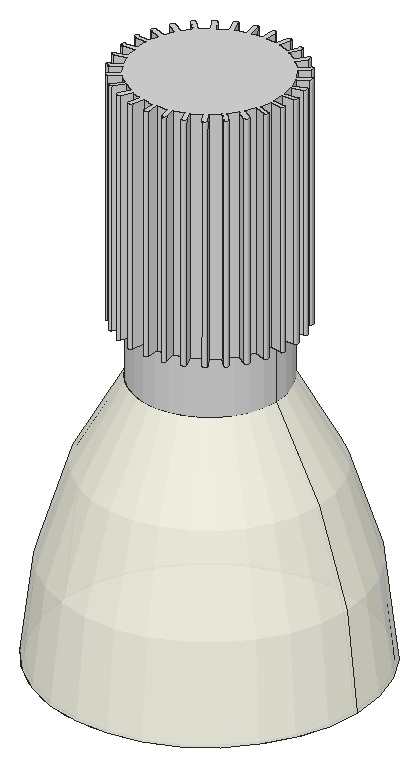
Revit family "TR.FR", category Lighting Fixtures, Revit 2024
Family settings
  Round Connector Dimension = Use Diameter
  Part Type = Normal
  OmniClass Number = 23.80.70.00
  OmniClass Title = Lighting
  Work Plane-Based = No
  Always vertical = Yes
  Cut with Voids When Loaded = No
  Light Source = No
  Maintain Annotation Orientation = No
  Shared = No
  Room Calculation Point = No
Parameters
  Default Elevation = 0' - 0"
Reference planes (in)
  plane 1 "Light Source Axis (F/B)": y = 0
  plane 2: z = 0
  plane 3 "Light Source Axis (L/R)": x = 0
  plane 4 "Light Source Elevation": z = 54
Forms (in)
  Sweep 1, solid, material "FR", not visible
    path origin (75.968, 0, 0.00093) x (1, 0, 0) y (0, 0, 1)
      loop
        arc (-4.5864, 68.3252) -> (-8.91952, 61.72019) -> (-10.59309, 54) r 21.63816
    profile origin (67.04848, 0, 61.72112) x (0.922209, 0, -0.386691) y (0, -1, 0)
      loop
        circle (0, 0) r 0.03125
  Extrusion 2, solid, material "61", not visible
    sketch origin (21.22004, 0.07031, 3.70715) x (1, 0, 0) y (0, 1, 0)
      loop
        arc (0.70087, 4.42509) -> (0.0002, 4.48026) -> (-0.70003, 4.41981) r 4.27232
        line (-0.70003, 4.41981) -> (-0.65367, 4.12712)
        arc (-0.65367, 4.12712) -> (0, 4.17857) -> (0.65367, 4.12712) r 4.17857
        line (0.65367, 4.12712) -> (0.70087, 4.42509)
    from 66 to 73.80732
  Revolve 3, solid, material "48"
    sketch origin (0, 0, -0.05835) x (1, 0, 0) y (0, 0, 1)
      loop
        line (1.92142, 61.25039) -> (1.92142, 62.78223) -> (1.82767, 62.78223) -> (1.82767, 61.25039) -> (1.92142, 61.25039)
      axis (0, 62.78223) -> (0, 61.25039)
    angle from 0 to 360
  Extrusion 4, solid, material "48"
    sketch origin (-34.99223, -16.30645, 63.07965) x (1, 0, 0) y (0, 1, 0)
      loop
        arc (34.92973, 18.27443) -> (34.78642, 18.26463) -> (34.6442, 18.24441) r 1.96897
        line (34.6442, 18.24441) -> (34.57902, 18.55106)
        arc (34.57902, 18.55106) -> (34.50489, 18.5992) -> (34.45675, 18.52507) r 0.0625
        line (34.45675, 18.52507) -> (34.52193, 18.21843)
        arc (34.52193, 18.21843) -> (34.38378, 18.17905) -> (34.24888, 18.12971) r 1.96897
        line (34.24888, 18.12971) -> (34.12137, 18.4161)
        arc (34.12137, 18.4161) -> (34.03885, 18.44777) -> (34.00718, 18.36525) r 0.0625
        line (34.00718, 18.36525) -> (34.13468, 18.07886)
        arc (34.13468, 18.07886) -> (34.00775, 18.01163) -> (33.88605, 17.93531) r 1.96897
        line (33.88605, 17.93531) -> (33.70178, 18.18893)
        arc (33.70178, 18.18893) -> (33.61448, 18.20276) -> (33.60065, 18.11546) r 0.0625
        line (33.60065, 18.11546) -> (33.78492, 17.86184)
        arc (33.78492, 17.86184) -> (33.67473, 17.76968) -> (33.57156, 17.66973) r 1.96897
        line (33.57156, 17.66973) -> (33.33859, 17.8795)
        arc (33.33859, 17.8795) -> (33.25032, 17.87487) -> (33.25495, 17.7866) r 0.0625
        line (33.25495, 17.7866) -> (33.48792, 17.57684)
        arc (33.48792, 17.57684) -> (33.3993, 17.46378) -> (33.31916, 17.34457) r 1.96897
        line (33.31916, 17.34457) -> (33.04767, 17.50131)
        arc (33.04767, 17.50131) -> (32.96229, 17.47843) -> (32.98517, 17.39306) r 0.0625
        line (32.98517, 17.39306) -> (33.25666, 17.23631)
        arc (33.25666, 17.23631) -> (33.19349, 17.1073) -> (33.13989, 16.97403) r 1.96897
        line (33.13989, 16.97403) -> (32.84174, 17.0709)
        arc (32.84174, 17.0709) -> (32.76298, 17.03078) -> (32.80311, 16.95202) r 0.0625
        line (32.80311, 16.95202) -> (33.10126, 16.85515)
        arc (33.10126, 16.85515) -> (33.06629, 16.71582) -> (33.04157, 16.57432) r 1.96897
        line (33.04157, 16.57432) -> (32.72979, 16.60709)
        arc (32.72979, 16.60709) -> (32.6611, 16.55146) -> (32.71673, 16.48277) r 0.0625
        line (32.71673, 16.48277) -> (33.0285, 16.45)
        arc (33.0285, 16.45) -> (33.02326, 16.30645) -> (33.0285, 16.1629) r 1.96897
        line (33.0285, 16.1629) -> (32.71673, 16.13013)
        arc (32.71673, 16.13013) -> (32.6611, 16.06144) -> (32.72979, 16.00582) r 0.0625
        line (32.72979, 16.00582) -> (33.04157, 16.03859)
        arc (33.04157, 16.03859) -> (33.06629, 15.89708) -> (33.10126, 15.75776) r 1.96897
        line (33.10126, 15.75776) -> (32.80311, 15.66088)
        arc (32.80311, 15.66088) -> (32.76298, 15.58213) -> (32.84174, 15.542) r 0.0625
        line (32.84174, 15.542) -> (33.13989, 15.63887)
        arc (33.13989, 15.63887) -> (33.19349, 15.5056) -> (33.25666, 15.37659) r 1.96897
        line (33.25666, 15.37659) -> (32.98517, 15.21985)
        arc (32.98517, 15.21985) -> (32.96229, 15.13447) -> (33.04767, 15.11159) r 0.0625
        line (33.04767, 15.11159) -> (33.31916, 15.26834)
        arc (33.31916, 15.26834) -> (33.3993, 15.14912) -> (33.48792, 15.03607) r 1.96897
        line (33.48792, 15.03607) -> (33.25495, 14.8263)
        arc (33.25495, 14.8263) -> (33.25032, 14.73803) -> (33.33859, 14.73341) r 0.0625
        line (33.33859, 14.73341) -> (33.57156, 14.94317)
        arc (33.57156, 14.94317) -> (33.67473, 14.84323) -> (33.78492, 14.75106) r 1.96897
        line (33.78492, 14.75106) -> (33.60065, 14.49744)
        arc (33.60065, 14.49744) -> (33.61448, 14.41014) -> (33.70178, 14.42397) r 0.0625
        line (33.70178, 14.42397) -> (33.88605, 14.67759)
        arc (33.88605, 14.67759) -> (34.00775, 14.60128) -> (34.13468, 14.53404) r 1.96897
        line (34.13468, 14.53404) -> (34.00718, 14.24765)
        arc (34.00718, 14.24765) -> (34.03885, 14.16513) -> (34.12137, 14.19681) r 0.0625
        line (34.12137, 14.19681) -> (34.24888, 14.4832)
        arc (34.24888, 14.4832) -> (34.38378, 14.43385) -> (34.52193, 14.39448) r 1.96897
        line (34.52193, 14.39448) -> (34.45675, 14.08784)
        arc (34.45675, 14.08784) -> (34.50489, 14.01371) -> (34.57902, 14.06185) r 0.0625
        line (34.57902, 14.06185) -> (34.6442, 14.36849)
        arc (34.6442, 14.36849) -> (34.78642, 14.34827) -> (34.92973, 14.33848) r 1.96897
        line (34.92973, 14.33848) -> (34.92973, 14.02499)
        arc (34.92973, 14.02499) -> (34.99223, 13.96249) -> (35.05473, 14.02499) r 0.0625
        line (35.05473, 14.02499) -> (35.05473, 14.33848)
        arc (35.05473, 14.33848) -> (35.19804, 14.34827) -> (35.34026, 14.36849) r 1.96897
        line (35.34026, 14.36849) -> (35.40544, 14.06185)
        arc (35.40544, 14.06185) -> (35.47957, 14.01371) -> (35.52771, 14.08784) r 0.0625
        line (35.52771, 14.08784) -> (35.46253, 14.39448)
        arc (35.46253, 14.39448) -> (35.60067, 14.43385) -> (35.73558, 14.4832) r 1.96897
        line (35.73558, 14.4832) -> (35.86309, 14.19681)
        arc (35.86309, 14.19681) -> (35.9456, 14.16513) -> (35.97728, 14.24765) r 0.0625
        line (35.97728, 14.24765) -> (35.84977, 14.53404)
        arc (35.84977, 14.53404) -> (35.97671, 14.60128) -> (36.09841, 14.67759) r 1.96897
        line (36.09841, 14.67759) -> (36.28268, 14.42397)
        arc (36.28268, 14.42397) -> (36.36998, 14.41014) -> (36.3838, 14.49744) r 0.0625
        line (36.3838, 14.49744) -> (36.19954, 14.75106)
        arc (36.19954, 14.75106) -> (36.30972, 14.84323) -> (36.4129, 14.94317) r 1.96897
        line (36.4129, 14.94317) -> (36.64587, 14.73341)
        arc (36.64587, 14.73341) -> (36.73413, 14.73803) -> (36.72951, 14.8263) r 0.0625
        line (36.72951, 14.8263) -> (36.49654, 15.03607)
        arc (36.49654, 15.03607) -> (36.58515, 15.14912) -> (36.66529, 15.26834) r 1.96897
        line (36.66529, 15.26834) -> (36.93678, 15.11159)
        arc (36.93678, 15.11159) -> (37.02216, 15.13447) -> (36.99928, 15.21985) r 0.0625
        line (36.99928, 15.21985) -> (36.72779, 15.37659)
        arc (36.72779, 15.37659) -> (36.79097, 15.5056) -> (36.84457, 15.63887) r 1.96897
        line (36.84457, 15.63887) -> (37.14272, 15.542)
        arc (37.14272, 15.542) -> (37.22147, 15.58213) -> (37.18134, 15.66088) r 0.0625
        line (37.18134, 15.66088) -> (36.8832, 15.75776)
        arc (36.8832, 15.75776) -> (36.91817, 15.89708) -> (36.94289, 16.03859) r 1.96897
        line (36.94289, 16.03859) -> (37.25466, 16.00582)
        arc (37.25466, 16.00582) -> (37.32335, 16.06144) -> (37.26773, 16.13013) r 0.0625
        line (37.26773, 16.13013) -> (36.95595, 16.1629)
        arc (36.95595, 16.1629) -> (36.96119, 16.30645) -> (36.95595, 16.45) r 1.96897
        line (36.95595, 16.45) -> (37.26773, 16.48277)
        arc (37.26773, 16.48277) -> (37.32335, 16.55146) -> (37.25466, 16.60709) r 0.0625
        line (37.25466, 16.60709) -> (36.94289, 16.57432)
        arc (36.94289, 16.57432) -> (36.91817, 16.71582) -> (36.8832, 16.85515) r 1.96897
        line (36.8832, 16.85515) -> (37.18134, 16.95202)
        arc (37.18134, 16.95202) -> (37.22147, 17.03078) -> (37.14272, 17.0709) r 0.0625
        line (37.14272, 17.0709) -> (36.84457, 16.97403)
        arc (36.84457, 16.97403) -> (36.79097, 17.1073) -> (36.72779, 17.23631) r 1.96897
        line (36.72779, 17.23631) -> (36.99928, 17.39306)
        arc (36.99928, 17.39306) -> (37.02216, 17.47843) -> (36.93678, 17.50131) r 0.0625
        line (36.93678, 17.50131) -> (36.66529, 17.34457)
        arc (36.66529, 17.34457) -> (36.58515, 17.46378) -> (36.49654, 17.57684) r 1.96897
        line (36.49654, 17.57684) -> (36.72951, 17.7866)
        arc (36.72951, 17.7866) -> (36.73413, 17.87487) -> (36.64587, 17.8795) r 0.0625
        line (36.64587, 17.8795) -> (36.4129, 17.66973)
        arc (36.4129, 17.66973) -> (36.30972, 17.76968) -> (36.19954, 17.86184) r 1.96897
        line (36.19954, 17.86184) -> (36.3838, 18.11546)
        arc (36.3838, 18.11546) -> (36.36998, 18.20276) -> (36.28268, 18.18893) r 0.0625
        line (36.28268, 18.18893) -> (36.09841, 17.93531)
        arc (36.09841, 17.93531) -> (35.97671, 18.01163) -> (35.84977, 18.07886) r 1.96897
        line (35.84977, 18.07886) -> (35.97728, 18.36525)
        arc (35.97728, 18.36525) -> (35.9456, 18.44777) -> (35.86309, 18.4161) r 0.0625
        line (35.86309, 18.4161) -> (35.73558, 18.12971)
        arc (35.73558, 18.12971) -> (35.60067, 18.17905) -> (35.46253, 18.21843) r 1.96897
        line (35.46253, 18.21843) -> (35.52771, 18.52507)
        arc (35.52771, 18.52507) -> (35.47957, 18.5992) -> (35.40544, 18.55106) r 0.0625
        line (35.40544, 18.55106) -> (35.34026, 18.24441)
        arc (35.34026, 18.24441) -> (35.19804, 18.26463) -> (35.05473, 18.27443) r 1.96897
        line (35.05473, 18.27443) -> (35.05473, 18.58792)
        arc (35.05473, 18.58792) -> (34.99223, 18.65042) -> (34.92973, 18.58792) r 0.0625
        line (34.92973, 18.58792) -> (34.92973, 18.27443)
    from -0.35577 to 5.92035
  Revolve 5, solid, material "FR"
    sketch origin (0, 0, -0.05835) x (1, 0, 0) y (0, 0, 1)
      loop
        arc (4.25, 54.05835) -> (3.61181, 57.82471) -> (1.92142, 61.25039) r 13.19445
        line (1.92142, 61.25039) -> (1.80735, 61.25039)
        arc (1.80735, 61.25039) -> (3.51228, 57.82763) -> (4.15623, 54.05835) r 13.1007
        line (4.15623, 54.05835) -> (4.25, 54.05835)
      axis (0, 61.25039) -> (0, 54.05835)
    angle from 0 to 360
Dimensions and locks (in)
  aligned and locked: level to plane 2
